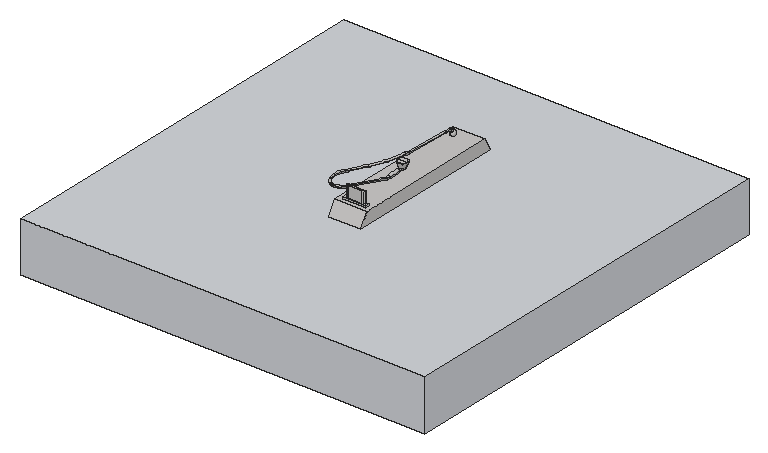
Revit family
Parameters (values of type "458BADA-T")
  Waste Connection = no
  W - Wall Supply = no
  Vent Connection = no
  URL = "http://www.acorneng.com"
  Type Comments = ""
  TF - Transformer = no
  T - Top Supply = yes
  SCH - Horizontal Supply Cover = no
  SC - Supply Cover, Ceiling Height_______ = no
  SB - 24" Slide Bar (Panel Mounted) = no
  RP - Reinforced Panel for Folding Seat with Curtain = no
  RD - Recessed Soap Dish = no
  PBH - Hemispherical Pushbutton = no
  Model = "458BADA-T"
  Material = Type 304 Stainless Steel
  Manufacturer = "Acorn Engineering"
  MVC1 - Time-Trol - Single Temp = no
  MS - Modular Privacy Compartments = no
  HW Connection = yes
  G - Individual Stops (Flo-Cloz Only) = no
  FH - Fixed Head In Lieu of Hand Shower = no
  FG - 14 Gage Material Construction = no
  F - Flow Control (1.4, 1.6, or 2.0 GPM) = no
  EVSP1 - Electronic Valve System w/ Piezo Pushbutton = no
  EVS1 - Electronic Valve System - Single Temp = no
  EG - Enviro-Glaze, Specify Color = no
  Designed By = "ATS BIM Team"
  Description = "Apex Type 5, Surface-Mounted Showers - ADA Compliant"
  Default Elevation = 4' - 0"
  CW Connection = yes
  CSH - Conical Showerhead = no
  CH - Curtain with Headrail - 36" Opening = no
  BS - Built-In Liquid Soap System (Non-ADA) = no
  8 - T/P Temperature-Pressure Balancing Mixing Valve (ASSE 1016 Compliant) = yes
  6 - Air-Control, Single Temperature Metering = no
  5 - Flo-Cloz, Single Temperature = no
  0 - Electronic Valves, Single Temp. Metering = no
Reference planes
  plane 1 "Floor": y = -1174.75
  plane 2: z = 0
  plane 3 "Center (Left/Right)": x = 0
  plane 4: y = -254
  plane 5: y = 635
  plane 6: x = -95.25
  plane 7: x = 95.25
  plane 8: y = 565.15
  plane 9: x = -50.8
  plane 10: y = -209.55
  plane 11 "Center (Front/Back)": y = 44.45
  plane 12: y = -82.55
  plane 13: z = 76.2
  plane 14: z = 19.05
  plane 15: x = 44.45
  plane 16: x = -44.45
Forms (mm)
  Extrusion 1, solid
    sketch origin (0, 0, 0) x (1, 0, 0) y (0, 1, 0)
      loop
        line (-1219.2, 1219.2) -> (-1219.2, -1219.2) -> (1219.2, -1219.2) -> (1219.2, 1219.2) -> (-1219.2, 1219.2)
    from 0 to -304.8
  Extrusion 2, solid, material "Type 304 Stainless Steel" <- "Material"
    sketch origin (0, 0, 0) x (1, 0, 0) y (0, 1, 0)
      loop
        line (-95.25, 635) -> (-95.25, -254) -> (95.25, -254) -> (95.25, 635) -> (-95.25, 635)
    from 0 to 76.2
  Extrusion 3, solid, material "Type 304 Stainless Steel" <- "Material"
    sketch origin (0, 0, 0) x (0, 1, 0) y (0, 0, 1)
      loop
        line (-297.994, 0) -> (-254, 0) -> (-254, 76.2) -> (-297.994, 0)
      loop
        line (678.994, 0) -> (635, 76.2) -> (635, 0) -> (678.994, 0)
    from -95.25 to 95.25
  Sweep 4, solid, material "Type 304 Stainless Steel" <- "Material"
    path origin (8.195, 0.804, 110.604) x (1, 0, 0) y (0, 1, 0)
      loop
        line (-58.995, 556.35) -> (-58.995, 522.911)
        arc (-58.995, 522.911) -> (-63.011, 391.495) -> (-75.041, 260.569) r 2152.65
        line (-75.041, 260.569) -> (-77.788, 238.2)
        arc (-77.788, 238.2) -> (-100.445, 135.999) -> (-142.187, 39.998) r 546.1
        line (-142.187, 39.998) -> (-199.006, -62.506)
        arc (-199.006, -62.506) -> (-212.438, -110.133) -> (-203.208, -158.749) r 107.95
        line (-203.208, -158.749) -> (-196.731, -173.298)
        arc (-196.731, -173.298) -> (-160.96, -202.309) -> (-116.445, -190.49) r 50.8
        line (-116.445, -190.49) -> (0.607, 1.223)
    profile origin (-50.8, 540.435, 110.604) x (1, 0, 0) y (0, 0, 1)
      loop
        circle (0, 0) r 4.763
  Revolve 5, solid, material "Type 304 Stainless Steel" <- "Material"
    sketch origin (-50.8, 14.665, 31.75) x (0, 1, 0) y (0, 0, 1)
      loop
        line (565.15, 44.45) -> (565.15, 69.85)
        arc (565.15, 69.85) -> (551.448, 60.828) -> (550.485, 44.45) r 18.297
        line (550.485, 44.45) -> (565.15, 44.45)
      axis (565.15, 44.45) -> (565.15, 69.85)
    angle from 0 to 360
  Revolve 6, solid, material "Type 304 Stainless Steel" <- "Material"
    sketch origin (-50.8, 207.678, -339.291) x (0, 0.707107, 0.707107) y (0, -0.707107, 0.707107)
      loop
        line (563.077, 44.45) -> (567.839, 44.45) -> (567.839, 68.844) -> (563.077, 68.844) -> (561.873, 67.639) -> (561.873, 64.755) -> (560.952, 64.755) -> (560.952, 59.108) -> (561.873, 58.187) -> (561.873, 55.486) -> (563.077, 55.486) -> (563.077, 53.768) -> (561.873, 53.768) -> (561.873, 50.8) -> (563.077, 50.8) -> (563.077, 44.45)
      axis (567.839, 44.45) -> (567.839, 68.844)
    angle from 0 to 360
  Sweep 7, solid, material "Type 304 Stainless Steel" <- "Material"
    path origin (-50.8, 16.654, 30.953) x (0, 1, 0) y (0, 0, 1)
      loop
        arc (540.416, 79.652) -> (542.552, 79.311) -> (544.511, 78.393) r 7.738
    profile origin (-50.8, 559.206, 110.264) x (0, 0.293744, 0.955884) y (1, 0, 0)
      loop
        circle (0, 0) r 4.763
  Revolve 8, solid, material "Type 304 Stainless Steel" <- "Material"
    sketch origin (-299.78, 127.804, 976.193) x (1, 0, 0) y (0, 0, -1)
      loop
        line (291.68, 863.6) -> (278.913, 828.484) -> (281.002, 825.5) -> (307.975, 825.5) -> (307.975, 863.6) -> (291.68, 863.6)
      axis (307.975, 825.5) -> (307.975, 863.6)
    angle from 0 to 360
  Revolve 9, solid, material "Type 304 Stainless Steel" <- "Material"
    sketch origin (-299.78, -1624.796, 110.599) x (1, 0, 0) y (0, 1, 0)
      loop
        line (303.212, 1625.6) -> (307.975, 1625.6) -> (307.975, 1752.6) -> (303.212, 1752.6) -> (299.505, 1719.778)
        arc (299.505, 1719.778) -> (297.646, 1682.226) -> (300.523, 1644.739) r 298.45
        line (300.523, 1644.739) -> (303.212, 1625.6)
      axis (307.975, 1625.6) -> (307.975, 1752.6)
    angle from 0 to 360
  Extrusion 10, solid
    sketch origin (-317.534, 635, 1219.2) x (-1, 0, 0) y (0, 0, 1)
      loop
        circle (-361.984, -1200.15) r 12.7
      loop
        circle (-273.084, -1200.15) r 12.7
    from 0 to 7.903
Cuts and joins
  joined: Extrusion 2, Extrusion 3
Dimensions and locks
  locked: plane 5 to plane 4 at 889
  locked: plane 6 to plane 7 at 190.5
  locked: plane 5 to plane 8 at 69.85
  locked: plane 4 to plane 10 at 44.45
  locked: plane 11 "Center (Front/Back)" to plane 10 at 254
  locked: plane 11 "Center (Front/Back)" to plane 12 at 127
  plane 11 "Center (Front/Back)" to plane 1 "Floor" = 4' - 0"
  level to plane 14 = 0' - 0 3/4"
  level to plane 13 = 0' - 3"
  plane 15 to plane 3 "Center (Left/Right)" = 0' - 1 3/4"
  plane 3 "Center (Left/Right)" to plane 16 = 0' - 1 3/4"
  locked: Extrusion 3 sketch curve to plane 13 (angle 60.00°)
  locked: plane 13 to Extrusion 3 sketch curve (angle 60.00°)
  aligned and locked: plane 2 to Extrusion 1
  aligned and locked: level to Extrusion 1
  aligned and locked: plane 13 to Extrusion 2
Nested families
  nested 1: "ASSE 1016 Lever Handle" at (0, -82.55, 76.2), type "ASSE 1016 Lever Handle"
  nested 2: "-D Surface Mounted Soap Dish" at (-0.018, -209.55, 76.2), type "-D Surface Mounted Soap Dish"
Connectors
  piping at (-44.45, 642.903, 19.05)
    settings: on Extrusion 10, index 1
  piping at (44.45, 642.903, 19.05)
    settings: on Extrusion 10, index 2
Definition of nested family "-D Surface Mounted Soap Dish"
  Parameters (values of type "-D Surface Mounted Soap Dish")
    Waste Connection = no
    Vent Connection = no
    URL = "http://www.acornengineering.com"
    Model = "-D Surface Mounted Soap Dish"
    Material = Type 304 Stainless Steel
    Manufacturer = "Acorn Engineering"
    HW Connection = no
    Designed By = "ATS BIM Team"
    Description = "-D Surface Mounted Soap Dish"
    Default Elevation = 0' - 0"
    CW Connection = no
  Reference planes
    plane 1 "Center (Front/Back)": y = 0
    plane 2: z = 0
    plane 3 "Center (Left/Right)": x = 0
  Forms (mm)
    Extrusion 1, solid
      sketch origin (0, 0, 0) x (1, 0, 0) y (0, 1, 0)
        loop
          line (-1219.2, 1219.2) -> (-1219.2, -1219.2) -> (1219.2, -1219.2) -> (1219.2, 1219.2) -> (-1219.2, 1219.2)
      from 0 to -304.8
    Extrusion 2, solid, material "Type 304 Stainless Steel" <- "Material"
      sketch origin (0, -1071.121, -994.705) x (0, -1, 0) y (1, 0, 0)
        loop
          line (-1054.212, -68.325) -> (-1054.212, 68.343) -> (-1078.024, 68.343) -> (-1078.024, -68.325) -> (-1054.212, -68.325)
      from 994.705 to 1003.874
    Extrusion 3, solid, material "Type 304 Stainless Steel" <- "Material"
      sketch origin (0, 1078.116, 716.291) x (1, 0, 0) y (0, 1, 0)
        loop
          line (-57.15, -1078.024) -> (-57.15, -1080.005) -> (-50.58, -1080.005) -> (-48.872, -1082.971)
          arc (-48.872, -1082.971) -> (-44.628, -1087.629) -> (-38.822, -1090.079) r 14.681
          line (-38.822, -1090.079) -> (38.822, -1090.079)
          arc (38.822, -1090.079) -> (44.628, -1087.629) -> (48.872, -1082.971) r 14.681
          line (48.872, -1082.971) -> (50.58, -1080.005) -> (57.15, -1080.005) -> (57.15, -1078.024) -> (49.278, -1078.024) -> (49.278, -1080.005)
          arc (49.278, -1080.005) -> (48.293, -1081.894) -> (47.153, -1083.693) r 25.326
          arc (47.153, -1083.693) -> (43.404, -1087.249) -> (38.548, -1089.014) r 12.682
          line (38.548, -1089.014) -> (-38.548, -1089.014)
          arc (-38.548, -1089.014) -> (-43.404, -1087.249) -> (-47.153, -1083.693) r 12.682
          arc (-47.153, -1083.693) -> (-48.293, -1081.894) -> (-49.278, -1080.005) r 25.326
          line (-49.278, -1080.005) -> (-49.278, -1078.024) -> (-57.15, -1078.024)
      from -707.122 to -640.447
    Extrusion 4, solid, material "Type 304 Stainless Steel" <- "Material"
      sketch origin (0, -158.336, -215.361) x (1, 0, 0) y (0, 1, 0)
        loop
          line (-49.278, 158.427) -> (-49.278, 156.446)
          arc (-49.278, 156.446) -> (-48.293, 154.557) -> (-47.153, 152.758) r 25.326
          arc (-47.153, 152.758) -> (-43.404, 149.202) -> (-38.548, 147.437) r 12.682
          line (-38.548, 147.437) -> (38.548, 147.437)
          arc (38.548, 147.437) -> (43.404, 149.202) -> (47.153, 152.758) r 12.682
          arc (47.153, 152.758) -> (48.293, 154.557) -> (49.278, 156.446) r 25.326
          line (49.278, 156.446) -> (49.278, 158.427) -> (-49.278, 158.427)
      from 290.765 to 291.205
  Dimensions and locks
    aligned and locked: plane 2 to Extrusion 1
    aligned and locked: level to Extrusion 1
Definition of nested family "ASSE 1016 Lever Handle"
  Parameters (values of type "ASSE 1016 Lever Handle")
    Default Elevation = 4' - 0"
  Reference planes
    plane 1 "Center (Front/Back)": y = 0
    plane 2: z = 0
    plane 3 "Center (Left/Right)": x = 0
  Forms (mm)
    Extrusion 1, solid
      sketch origin (0, 0, 0) x (1, 0, 0) y (0, 1, 0)
        loop
          line (-1219.2, 1219.2) -> (-1219.2, -1219.2) -> (1219.2, -1219.2) -> (1219.2, 1219.2) -> (-1219.2, 1219.2)
      from 0 to -304.8
  Dimensions and locks
    aligned and locked: plane 2 to Extrusion 1
    aligned and locked: level to Extrusion 1
